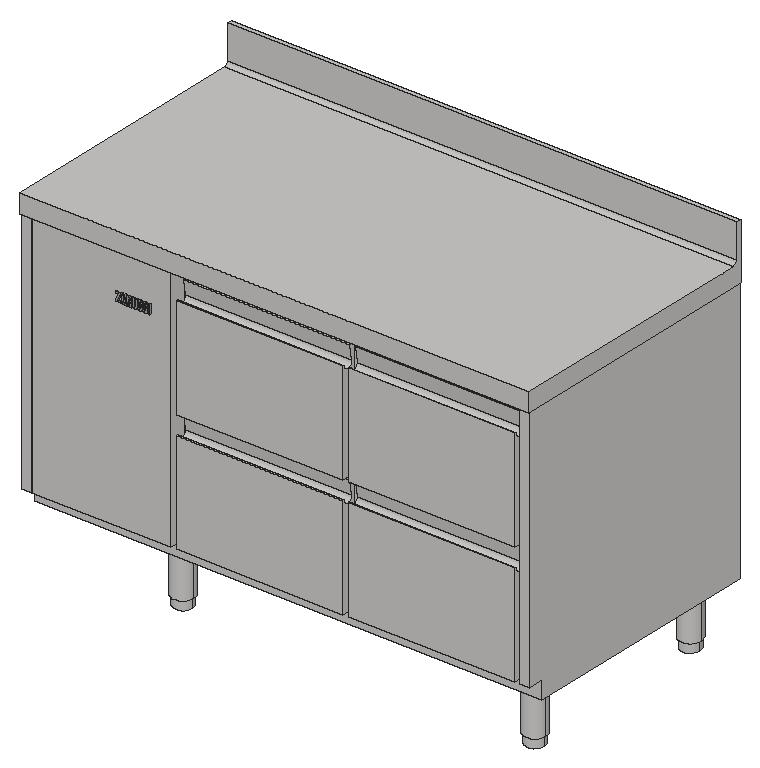
Revit family "QF_ZANUSSI_111032_ZH2H3BB", category Specialty Equipment, Revit 2018 (continued)
Definition of nested family "ZAN_Cooling Unit"
  Lines and regions (mm)
    Split face 129
      outline origin (55.016, 2, -293.144) x (0, 0, 1) y (-1, 0, 0)
        loop
          arc (510.649, 158.547) -> (506.648, 162.548) -> (502.647, 158.547) r 4.001
          line (502.647, 158.547) -> (502.647, 116.535)
          arc (502.647, 116.535) -> (506.648, 112.533) -> (510.649, 116.535) r 4.001
          line (510.649, 116.535) -> (510.649, 158.547)
    Split face 130
      outline origin (110.032, 2, -113.091) x (0, 0, 1) y (-1, 0, 0)
        loop
          arc (510.649, 158.547) -> (506.648, 162.548) -> (502.647, 158.547) r 4.001
          line (502.647, 158.547) -> (502.647, 116.535)
          arc (502.647, 116.535) -> (506.648, 112.533) -> (510.649, 116.535) r 4.001
          line (510.649, 116.535) -> (510.649, 158.547)
    Split face 131
      outline origin (110.032, 2, -125.094) x (0, 0, 1) y (-1, 0, 0)
        loop
          arc (510.649, 158.547) -> (506.648, 162.548) -> (502.647, 158.547) r 4.001
          line (502.647, 158.547) -> (502.647, 116.535)
          arc (502.647, 116.535) -> (506.648, 112.533) -> (510.649, 116.535) r 4.001
          line (510.649, 116.535) -> (510.649, 158.547)
    Split face 132
      outline origin (110.032, 2, -137.098) x (0, 0, 1) y (-1, 0, 0)
        loop
          arc (510.649, 158.547) -> (506.648, 162.548) -> (502.647, 158.547) r 4.001
          line (502.647, 158.547) -> (502.647, 116.535)
          arc (502.647, 116.535) -> (506.648, 112.533) -> (510.649, 116.535) r 4.001
          line (510.649, 116.535) -> (510.649, 158.547)
    Split face 133
      outline origin (110.032, 2, -149.101) x (0, 0, 1) y (-1, 0, 0)
        loop
          arc (510.649, 158.547) -> (506.648, 162.548) -> (502.647, 158.547) r 4.001
          line (502.647, 158.547) -> (502.647, 116.535)
          arc (502.647, 116.535) -> (506.648, 112.533) -> (510.649, 116.535) r 4.001
          line (510.649, 116.535) -> (510.649, 158.547)
    Split face 134
      outline origin (110.032, 2, -161.105) x (0, 0, 1) y (-1, 0, 0)
        loop
          arc (510.649, 158.547) -> (506.648, 162.548) -> (502.647, 158.547) r 4.001
          line (502.647, 158.547) -> (502.647, 116.535)
          arc (502.647, 116.535) -> (506.648, 112.533) -> (510.649, 116.535) r 4.001
          line (510.649, 116.535) -> (510.649, 158.547)
    Split face 135
      outline origin (110.032, 2, -173.108) x (0, 0, 1) y (-1, 0, 0)
        loop
          arc (510.649, 158.547) -> (506.648, 162.548) -> (502.647, 158.547) r 4.001
          line (502.647, 158.547) -> (502.647, 116.535)
          arc (502.647, 116.535) -> (506.648, 112.533) -> (510.649, 116.535) r 4.001
          line (510.649, 116.535) -> (510.649, 158.547)
    Split face 136
      outline origin (110.032, 2, -185.112) x (0, 0, 1) y (-1, 0, 0)
        loop
          arc (510.649, 158.547) -> (506.648, 162.548) -> (502.647, 158.547) r 4.001
          line (502.647, 158.547) -> (502.647, 116.535)
          arc (502.647, 116.535) -> (506.648, 112.533) -> (510.649, 116.535) r 4.001
          line (510.649, 116.535) -> (510.649, 158.547)
    Split face 137
      outline origin (110.032, 2, -197.115) x (0, 0, 1) y (-1, 0, 0)
        loop
          arc (510.649, 158.547) -> (506.648, 162.548) -> (502.647, 158.547) r 4.001
          line (502.647, 158.547) -> (502.647, 116.535)
          arc (502.647, 116.535) -> (506.648, 112.533) -> (510.649, 116.535) r 4.001
          line (510.649, 116.535) -> (510.649, 158.547)
    Split face 138
      outline origin (110.032, 2, -209.119) x (0, 0, 1) y (-1, 0, 0)
        loop
          arc (510.649, 158.547) -> (506.648, 162.548) -> (502.647, 158.547) r 4.001
          line (502.647, 158.547) -> (502.647, 116.535)
          arc (502.647, 116.535) -> (506.648, 112.533) -> (510.649, 116.535) r 4.001
          line (510.649, 116.535) -> (510.649, 158.547)
    Split face 139
      outline origin (110.032, 2, -221.122) x (0, 0, 1) y (-1, 0, 0)
        loop
          arc (510.649, 158.547) -> (506.648, 162.548) -> (502.647, 158.547) r 4.001
          line (502.647, 158.547) -> (502.647, 116.535)
          arc (502.647, 116.535) -> (506.648, 112.533) -> (510.649, 116.535) r 4.001
          line (510.649, 116.535) -> (510.649, 158.547)
    Split face 140
      outline origin (110.032, 2, -233.126) x (0, 0, 1) y (-1, 0, 0)
        loop
          arc (510.649, 158.547) -> (506.648, 162.548) -> (502.647, 158.547) r 4.001
          line (502.647, 158.547) -> (502.647, 116.535)
          arc (502.647, 116.535) -> (506.648, 112.533) -> (510.649, 116.535) r 4.001
          line (510.649, 116.535) -> (510.649, 158.547)
    Split face 141
      outline origin (110.032, 2, -245.129) x (0, 0, 1) y (-1, 0, 0)
        loop
          arc (510.649, 158.547) -> (506.648, 162.548) -> (502.647, 158.547) r 4.001
          line (502.647, 158.547) -> (502.647, 116.535)
          arc (502.647, 116.535) -> (506.648, 112.533) -> (510.649, 116.535) r 4.001
          line (510.649, 116.535) -> (510.649, 158.547)
    Split face 142
      outline origin (110.032, 2, -257.133) x (0, 0, 1) y (-1, 0, 0)
        loop
          arc (510.649, 158.547) -> (506.648, 162.548) -> (502.647, 158.547) r 4.001
          line (502.647, 158.547) -> (502.647, 116.535)
          arc (502.647, 116.535) -> (506.648, 112.533) -> (510.649, 116.535) r 4.001
          line (510.649, 116.535) -> (510.649, 158.547)
    Split face 143
      outline origin (110.032, 2, -269.136) x (0, 0, 1) y (-1, 0, 0)
        loop
          arc (510.649, 158.547) -> (506.648, 162.548) -> (502.647, 158.547) r 4.001
          line (502.647, 158.547) -> (502.647, 116.535)
          arc (502.647, 116.535) -> (506.648, 112.533) -> (510.649, 116.535) r 4.001
          line (510.649, 116.535) -> (510.649, 158.547)
    Split face 144
      outline origin (110.032, 2, -281.14) x (0, 0, 1) y (-1, 0, 0)
        loop
          arc (510.649, 158.547) -> (506.648, 162.548) -> (502.647, 158.547) r 4.001
          line (502.647, 158.547) -> (502.647, 116.535)
          arc (502.647, 116.535) -> (506.648, 112.533) -> (510.649, 116.535) r 4.001
          line (510.649, 116.535) -> (510.649, 158.547)
    Split face 145
      outline origin (110.032, 2, -293.144) x (0, 0, 1) y (-1, 0, 0)
        loop
          arc (510.649, 158.547) -> (506.648, 162.548) -> (502.647, 158.547) r 4.001
          line (502.647, 158.547) -> (502.647, 116.535)
          arc (502.647, 116.535) -> (506.648, 112.533) -> (510.649, 116.535) r 4.001
          line (510.649, 116.535) -> (510.649, 158.547)
    Split face 146
      outline origin (165.048, 2, -113.091) x (0, 0, 1) y (-1, 0, 0)
        loop
          arc (510.649, 158.547) -> (506.648, 162.548) -> (502.647, 158.547) r 4.001
          line (502.647, 158.547) -> (502.647, 116.535)
          arc (502.647, 116.535) -> (506.648, 112.533) -> (510.649, 116.535) r 4.001
          line (510.649, 116.535) -> (510.649, 158.547)
    Split face 147
      outline origin (165.048, 2, -125.094) x (0, 0, 1) y (-1, 0, 0)
        loop
          arc (510.649, 158.547) -> (506.648, 162.548) -> (502.647, 158.547) r 4.001
          line (502.647, 158.547) -> (502.647, 116.535)
          arc (502.647, 116.535) -> (506.648, 112.533) -> (510.649, 116.535) r 4.001
          line (510.649, 116.535) -> (510.649, 158.547)
    Split face 148
      outline origin (165.048, 2, -137.098) x (0, 0, 1) y (-1, 0, 0)
        loop
          arc (510.649, 158.547) -> (506.648, 162.548) -> (502.647, 158.547) r 4.001
          line (502.647, 158.547) -> (502.647, 116.535)
          arc (502.647, 116.535) -> (506.648, 112.533) -> (510.649, 116.535) r 4.001
          line (510.649, 116.535) -> (510.649, 158.547)
    Split face 149
      outline origin (165.048, 2, -149.101) x (0, 0, 1) y (-1, 0, 0)
        loop
          arc (510.649, 158.547) -> (506.648, 162.548) -> (502.647, 158.547) r 4.001
          line (502.647, 158.547) -> (502.647, 116.535)
          arc (502.647, 116.535) -> (506.648, 112.533) -> (510.649, 116.535) r 4.001
          line (510.649, 116.535) -> (510.649, 158.547)
    Split face 150
      outline origin (165.048, 2, -161.105) x (0, 0, 1) y (-1, 0, 0)
        loop
          arc (510.649, 158.547) -> (506.648, 162.548) -> (502.647, 158.547) r 4.001
          line (502.647, 158.547) -> (502.647, 116.535)
          arc (502.647, 116.535) -> (506.648, 112.533) -> (510.649, 116.535) r 4.001
          line (510.649, 116.535) -> (510.649, 158.547)
    Split face 151
      outline origin (165.048, 2, -173.108) x (0, 0, 1) y (-1, 0, 0)
        loop
          arc (510.649, 158.547) -> (506.648, 162.548) -> (502.647, 158.547) r 4.001
          line (502.647, 158.547) -> (502.647, 116.535)
          arc (502.647, 116.535) -> (506.648, 112.533) -> (510.649, 116.535) r 4.001
          line (510.649, 116.535) -> (510.649, 158.547)
    Split face 152
      outline origin (165.048, 2, -185.112) x (0, 0, 1) y (-1, 0, 0)
        loop
          arc (510.649, 158.547) -> (506.648, 162.548) -> (502.647, 158.547) r 4.001
          line (502.647, 158.547) -> (502.647, 116.535)
          arc (502.647, 116.535) -> (506.648, 112.533) -> (510.649, 116.535) r 4.001
          line (510.649, 116.535) -> (510.649, 158.547)
    Split face 153
      outline origin (165.048, 2, -197.115) x (0, 0, 1) y (-1, 0, 0)
        loop
          arc (510.649, 158.547) -> (506.648, 162.548) -> (502.647, 158.547) r 4.001
          line (502.647, 158.547) -> (502.647, 116.535)
          arc (502.647, 116.535) -> (506.648, 112.533) -> (510.649, 116.535) r 4.001
          line (510.649, 116.535) -> (510.649, 158.547)
    Split face 154
      outline origin (165.048, 2, -209.119) x (0, 0, 1) y (-1, 0, 0)
        loop
          arc (510.649, 158.547) -> (506.648, 162.548) -> (502.647, 158.547) r 4.001
          line (502.647, 158.547) -> (502.647, 116.535)
          arc (502.647, 116.535) -> (506.648, 112.533) -> (510.649, 116.535) r 4.001
          line (510.649, 116.535) -> (510.649, 158.547)
    Split face 155
      outline origin (165.048, 2, -221.122) x (0, 0, 1) y (-1, 0, 0)
        loop
          arc (510.649, 158.547) -> (506.648, 162.548) -> (502.647, 158.547) r 4.001
          line (502.647, 158.547) -> (502.647, 116.535)
          arc (502.647, 116.535) -> (506.648, 112.533) -> (510.649, 116.535) r 4.001
          line (510.649, 116.535) -> (510.649, 158.547)
    Split face 156
      outline origin (165.048, 2, -233.126) x (0, 0, 1) y (-1, 0, 0)
        loop
          arc (510.649, 158.547) -> (506.648, 162.548) -> (502.647, 158.547) r 4.001
          line (502.647, 158.547) -> (502.647, 116.535)
          arc (502.647, 116.535) -> (506.648, 112.533) -> (510.649, 116.535) r 4.001
          line (510.649, 116.535) -> (510.649, 158.547)
    Split face 157
      outline origin (165.048, 2, -245.129) x (0, 0, 1) y (-1, 0, 0)
        loop
          arc (510.649, 158.547) -> (506.648, 162.548) -> (502.647, 158.547) r 4.001
          line (502.647, 158.547) -> (502.647, 116.535)
          arc (502.647, 116.535) -> (506.648, 112.533) -> (510.649, 116.535) r 4.001
          line (510.649, 116.535) -> (510.649, 158.547)
    Split face 158
      outline origin (165.048, 2, -257.133) x (0, 0, 1) y (-1, 0, 0)
        loop
          arc (510.649, 158.547) -> (506.648, 162.548) -> (502.647, 158.547) r 4.001
          line (502.647, 158.547) -> (502.647, 116.535)
          arc (502.647, 116.535) -> (506.648, 112.533) -> (510.649, 116.535) r 4.001
          line (510.649, 116.535) -> (510.649, 158.547)
    Split face 159
      outline origin (165.048, 2, -269.136) x (0, 0, 1) y (-1, 0, 0)
        loop
          arc (510.649, 158.547) -> (506.648, 162.548) -> (502.647, 158.547) r 4.001
          line (502.647, 158.547) -> (502.647, 116.535)
          arc (502.647, 116.535) -> (506.648, 112.533) -> (510.649, 116.535) r 4.001
          line (510.649, 116.535) -> (510.649, 158.547)
    Split face 160
      outline origin (165.048, 2, -281.14) x (0, 0, 1) y (-1, 0, 0)
        loop
          arc (510.649, 158.547) -> (506.648, 162.548) -> (502.647, 158.547) r 4.001
          line (502.647, 158.547) -> (502.647, 116.535)
          arc (502.647, 116.535) -> (506.648, 112.533) -> (510.649, 116.535) r 4.001
          line (510.649, 116.535) -> (510.649, 158.547)
    Split face 161
      outline origin (165.048, 2, -293.144) x (0, 0, 1) y (-1, 0, 0)
        loop
          arc (510.649, 158.547) -> (506.648, 162.548) -> (502.647, 158.547) r 4.001
          line (502.647, 158.547) -> (502.647, 116.535)
          arc (502.647, 116.535) -> (506.648, 112.533) -> (510.649, 116.535) r 4.001
          line (510.649, 116.535) -> (510.649, 158.547)
    Split face 162
      outline origin (220.064, 2, -113.091) x (0, 0, 1) y (-1, 0, 0)
        loop
          arc (510.649, 158.547) -> (506.648, 162.548) -> (502.647, 158.547) r 4.001
          line (502.647, 158.547) -> (502.647, 116.535)
          arc (502.647, 116.535) -> (506.648, 112.533) -> (510.649, 116.535) r 4.001
          line (510.649, 116.535) -> (510.649, 158.547)
    Split face 163
      outline origin (220.064, 2, -125.094) x (0, 0, 1) y (-1, 0, 0)
        loop
          arc (510.649, 158.547) -> (506.648, 162.548) -> (502.647, 158.547) r 4.001
          line (502.647, 158.547) -> (502.647, 116.535)
          arc (502.647, 116.535) -> (506.648, 112.533) -> (510.649, 116.535) r 4.001
          line (510.649, 116.535) -> (510.649, 158.547)
    Split face 164
      outline origin (220.064, 2, -137.098) x (0, 0, 1) y (-1, 0, 0)
        loop
          arc (510.649, 158.547) -> (506.648, 162.548) -> (502.647, 158.547) r 4.001
          line (502.647, 158.547) -> (502.647, 116.535)
          arc (502.647, 116.535) -> (506.648, 112.533) -> (510.649, 116.535) r 4.001
          line (510.649, 116.535) -> (510.649, 158.547)
    Split face 165
      outline origin (220.064, 2, -149.101) x (0, 0, 1) y (-1, 0, 0)
        loop
          arc (510.649, 158.547) -> (506.648, 162.548) -> (502.647, 158.547) r 4.001
          line (502.647, 158.547) -> (502.647, 116.535)
          arc (502.647, 116.535) -> (506.648, 112.533) -> (510.649, 116.535) r 4.001
          line (510.649, 116.535) -> (510.649, 158.547)
    Split face 166
      outline origin (220.064, 2, -161.105) x (0, 0, 1) y (-1, 0, 0)
        loop
          arc (510.649, 158.547) -> (506.648, 162.548) -> (502.647, 158.547) r 4.001
          line (502.647, 158.547) -> (502.647, 116.535)
          arc (502.647, 116.535) -> (506.648, 112.533) -> (510.649, 116.535) r 4.001
          line (510.649, 116.535) -> (510.649, 158.547)
    Split face 167
      outline origin (220.064, 2, -173.108) x (0, 0, 1) y (-1, 0, 0)
        loop
          arc (510.649, 158.547) -> (506.648, 162.548) -> (502.647, 158.547) r 4.001
          line (502.647, 158.547) -> (502.647, 116.535)
          arc (502.647, 116.535) -> (506.648, 112.533) -> (510.649, 116.535) r 4.001
          line (510.649, 116.535) -> (510.649, 158.547)
    Split face 168
      outline origin (220.064, 2, -185.112) x (0, 0, 1) y (-1, 0, 0)
        loop
          arc (510.649, 158.547) -> (506.648, 162.548) -> (502.647, 158.547) r 4.001
          line (502.647, 158.547) -> (502.647, 116.535)
          arc (502.647, 116.535) -> (506.648, 112.533) -> (510.649, 116.535) r 4.001
          line (510.649, 116.535) -> (510.649, 158.547)
    Split face 169
      outline origin (220.064, 2, -197.115) x (0, 0, 1) y (-1, 0, 0)
        loop
          arc (510.649, 158.547) -> (506.648, 162.548) -> (502.647, 158.547) r 4.001
          line (502.647, 158.547) -> (502.647, 116.535)
          arc (502.647, 116.535) -> (506.648, 112.533) -> (510.649, 116.535) r 4.001
          line (510.649, 116.535) -> (510.649, 158.547)
    Split face 170
      outline origin (220.064, 2, -209.119) x (0, 0, 1) y (-1, 0, 0)
        loop
          arc (510.649, 158.547) -> (506.648, 162.548) -> (502.647, 158.547) r 4.001
          line (502.647, 158.547) -> (502.647, 116.535)
          arc (502.647, 116.535) -> (506.648, 112.533) -> (510.649, 116.535) r 4.001
          line (510.649, 116.535) -> (510.649, 158.547)
    Split face 171
      outline origin (220.064, 2, -221.122) x (0, 0, 1) y (-1, 0, 0)
        loop
          arc (510.649, 158.547) -> (506.648, 162.548) -> (502.647, 158.547) r 4.001
          line (502.647, 158.547) -> (502.647, 116.535)
          arc (502.647, 116.535) -> (506.648, 112.533) -> (510.649, 116.535) r 4.001
          line (510.649, 116.535) -> (510.649, 158.547)
    Split face 172
      outline origin (220.064, 2, -233.126) x (0, 0, 1) y (-1, 0, 0)
        loop
          arc (510.649, 158.547) -> (506.648, 162.548) -> (502.647, 158.547) r 4.001
          line (502.647, 158.547) -> (502.647, 116.535)
          arc (502.647, 116.535) -> (506.648, 112.533) -> (510.649, 116.535) r 4.001
          line (510.649, 116.535) -> (510.649, 158.547)
    Split face 173
      outline origin (220.064, 2, -245.129) x (0, 0, 1) y (-1, 0, 0)
        loop
          arc (510.649, 158.547) -> (506.648, 162.548) -> (502.647, 158.547) r 4.001
          line (502.647, 158.547) -> (502.647, 116.535)
          arc (502.647, 116.535) -> (506.648, 112.533) -> (510.649, 116.535) r 4.001
          line (510.649, 116.535) -> (510.649, 158.547)
    Split face 174
      outline origin (220.064, 2, -257.133) x (0, 0, 1) y (-1, 0, 0)
        loop
          arc (510.649, 158.547) -> (506.648, 162.548) -> (502.647, 158.547) r 4.001
          line (502.647, 158.547) -> (502.647, 116.535)
          arc (502.647, 116.535) -> (506.648, 112.533) -> (510.649, 116.535) r 4.001
          line (510.649, 116.535) -> (510.649, 158.547)
    Split face 175
      outline origin (220.064, 2, -269.136) x (0, 0, 1) y (-1, 0, 0)
        loop
          arc (510.649, 158.547) -> (506.648, 162.548) -> (502.647, 158.547) r 4.001
          line (502.647, 158.547) -> (502.647, 116.535)
          arc (502.647, 116.535) -> (506.648, 112.533) -> (510.649, 116.535) r 4.001
          line (510.649, 116.535) -> (510.649, 158.547)
    Split face 176
      outline origin (220.064, 2, -281.14) x (0, 0, 1) y (-1, 0, 0)
        loop
          arc (510.649, 158.547) -> (506.648, 162.548) -> (502.647, 158.547) r 4.001
          line (502.647, 158.547) -> (502.647, 116.535)
          arc (502.647, 116.535) -> (506.648, 112.533) -> (510.649, 116.535) r 4.001
          line (510.649, 116.535) -> (510.649, 158.547)
    Split face 177
      outline origin (220.064, 2, -293.144) x (0, 0, 1) y (-1, 0, 0)
        loop
          arc (510.649, 158.547) -> (506.648, 162.548) -> (502.647, 158.547) r 4.001
          line (502.647, 158.547) -> (502.647, 116.535)
          arc (502.647, 116.535) -> (506.648, 112.533) -> (510.649, 116.535) r 4.001
          line (510.649, 116.535) -> (510.649, 158.547)
    Split face 178
      outline origin (275.081, 2, -113.091) x (0, 0, 1) y (-1, 0, 0)
        loop
          arc (510.649, 158.547) -> (506.648, 162.548) -> (502.647, 158.547) r 4.001
          line (502.647, 158.547) -> (502.647, 116.535)
          arc (502.647, 116.535) -> (506.648, 112.533) -> (510.649, 116.535) r 4.001
          line (510.649, 116.535) -> (510.649, 158.547)
    Split face 179
      outline origin (275.081, 2, -125.094) x (0, 0, 1) y (-1, 0, 0)
        loop
          arc (510.649, 158.547) -> (506.648, 162.548) -> (502.647, 158.547) r 4.001
          line (502.647, 158.547) -> (502.647, 116.535)
          arc (502.647, 116.535) -> (506.648, 112.533) -> (510.649, 116.535) r 4.001
          line (510.649, 116.535) -> (510.649, 158.547)
    Split face 180
      outline origin (275.081, 2, -137.098) x (0, 0, 1) y (-1, 0, 0)
        loop
          arc (510.649, 158.547) -> (506.648, 162.548) -> (502.647, 158.547) r 4.001
          line (502.647, 158.547) -> (502.647, 116.535)
          arc (502.647, 116.535) -> (506.648, 112.533) -> (510.649, 116.535) r 4.001
          line (510.649, 116.535) -> (510.649, 158.547)
    Split face 181
      outline origin (275.081, 2, -149.101) x (0, 0, 1) y (-1, 0, 0)
        loop
          arc (510.649, 158.547) -> (506.648, 162.548) -> (502.647, 158.547) r 4.001
          line (502.647, 158.547) -> (502.647, 116.535)
          arc (502.647, 116.535) -> (506.648, 112.533) -> (510.649, 116.535) r 4.001
          line (510.649, 116.535) -> (510.649, 158.547)
    Split face 182
      outline origin (275.081, 2, -161.105) x (0, 0, 1) y (-1, 0, 0)
        loop
          arc (510.649, 158.547) -> (506.648, 162.548) -> (502.647, 158.547) r 4.001
          line (502.647, 158.547) -> (502.647, 116.535)
          arc (502.647, 116.535) -> (506.648, 112.533) -> (510.649, 116.535) r 4.001
          line (510.649, 116.535) -> (510.649, 158.547)
    Split face 183
      outline origin (275.081, 2, -173.108) x (0, 0, 1) y (-1, 0, 0)
        loop
          arc (510.649, 158.547) -> (506.648, 162.548) -> (502.647, 158.547) r 4.001
          line (502.647, 158.547) -> (502.647, 116.535)
          arc (502.647, 116.535) -> (506.648, 112.533) -> (510.649, 116.535) r 4.001
          line (510.649, 116.535) -> (510.649, 158.547)
    Split face 184
      outline origin (275.081, 2, -185.112) x (0, 0, 1) y (-1, 0, 0)
        loop
          arc (510.649, 158.547) -> (506.648, 162.548) -> (502.647, 158.547) r 4.001
          line (502.647, 158.547) -> (502.647, 116.535)
          arc (502.647, 116.535) -> (506.648, 112.533) -> (510.649, 116.535) r 4.001
          line (510.649, 116.535) -> (510.649, 158.547)
    Split face 185
      outline origin (275.081, 2, -197.115) x (0, 0, 1) y (-1, 0, 0)
        loop
          arc (510.649, 158.547) -> (506.648, 162.548) -> (502.647, 158.547) r 4.001
          line (502.647, 158.547) -> (502.647, 116.535)
          arc (502.647, 116.535) -> (506.648, 112.533) -> (510.649, 116.535) r 4.001
          line (510.649, 116.535) -> (510.649, 158.547)
    Split face 186
      outline origin (275.081, 2, -209.119) x (0, 0, 1) y (-1, 0, 0)
        loop
          arc (510.649, 158.547) -> (506.648, 162.548) -> (502.647, 158.547) r 4.001
          line (502.647, 158.547) -> (502.647, 116.535)
          arc (502.647, 116.535) -> (506.648, 112.533) -> (510.649, 116.535) r 4.001
          line (510.649, 116.535) -> (510.649, 158.547)
    Split face 187
      outline origin (275.081, 2, -221.122) x (0, 0, 1) y (-1, 0, 0)
        loop
          arc (510.649, 158.547) -> (506.648, 162.548) -> (502.647, 158.547) r 4.001
          line (502.647, 158.547) -> (502.647, 116.535)
          arc (502.647, 116.535) -> (506.648, 112.533) -> (510.649, 116.535) r 4.001
          line (510.649, 116.535) -> (510.649, 158.547)
    Split face 188
      outline origin (275.081, 2, -233.126) x (0, 0, 1) y (-1, 0, 0)
        loop
          arc (510.649, 158.547) -> (506.648, 162.548) -> (502.647, 158.547) r 4.001
          line (502.647, 158.547) -> (502.647, 116.535)
          arc (502.647, 116.535) -> (506.648, 112.533) -> (510.649, 116.535) r 4.001
          line (510.649, 116.535) -> (510.649, 158.547)
    Split face 189
      outline origin (275.081, 2, -245.129) x (0, 0, 1) y (-1, 0, 0)
        loop
          arc (510.649, 158.547) -> (506.648, 162.548) -> (502.647, 158.547) r 4.001
          line (502.647, 158.547) -> (502.647, 116.535)
          arc (502.647, 116.535) -> (506.648, 112.533) -> (510.649, 116.535) r 4.001
          line (510.649, 116.535) -> (510.649, 158.547)
    Split face 190
      outline origin (275.081, 2, -257.133) x (0, 0, 1) y (-1, 0, 0)
        loop
          arc (510.649, 158.547) -> (506.648, 162.548) -> (502.647, 158.547) r 4.001
          line (502.647, 158.547) -> (502.647, 116.535)
          arc (502.647, 116.535) -> (506.648, 112.533) -> (510.649, 116.535) r 4.001
          line (510.649, 116.535) -> (510.649, 158.547)
    Split face 191
      outline origin (275.081, 2, -269.136) x (0, 0, 1) y (-1, 0, 0)
        loop
          arc (510.649, 158.547) -> (506.648, 162.548) -> (502.647, 158.547) r 4.001
          line (502.647, 158.547) -> (502.647, 116.535)
          arc (502.647, 116.535) -> (506.648, 112.533) -> (510.649, 116.535) r 4.001
          line (510.649, 116.535) -> (510.649, 158.547)
    Split face 192
      outline origin (275.081, 2, -281.14) x (0, 0, 1) y (-1, 0, 0)
        loop
          arc (510.649, 158.547) -> (506.648, 162.548) -> (502.647, 158.547) r 4.001
          line (502.647, 158.547) -> (502.647, 116.535)
          arc (502.647, 116.535) -> (506.648, 112.533) -> (510.649, 116.535) r 4.001
          line (510.649, 116.535) -> (510.649, 158.547)
    Split face 193
      outline origin (275.081, 2, -293.144) x (0, 0, 1) y (-1, 0, 0)
        loop
          arc (510.649, 158.547) -> (506.648, 162.548) -> (502.647, 158.547) r 4.001
          line (502.647, 158.547) -> (502.647, 116.535)
          arc (502.647, 116.535) -> (506.648, 112.533) -> (510.649, 116.535) r 4.001
          line (510.649, 116.535) -> (510.649, 158.547)
    Split face 194
      outline origin (0, 2, 197) x (0, 0, 1) y (-1, 0, 0)
        loop
          spline (566.835, 20.381) -> (564.628, 19.058) -> (561.987, 18.027) -> (558.955, 17.386) -> (555.581, 17.244) -> (551.912, 17.703) -> (547.993, 18.863) -> (543.871, 20.83) -> (539.591, 23.706) -> (535.202, 27.594) -> (530.748, 32.597) -> (526.28, 38.824) -> (521.835, 46.362)
        loop
          spline (521.835, 58.392) -> (525.386, 49.242) -> (529.197, 41.481) -> (533.2, 35.023) -> (537.329, 29.786) -> (541.516, 25.684) -> (545.695, 22.634) -> (549.798, 20.552) -> (553.759, 19.355) -> (557.511, 18.958) -> (560.984, 19.275) -> (564.115, 20.227) -> (566.835, 21.726)
    Split face 195
      outline origin (0, 2, 197) x (0, 0, 1) y (-1, 0, 0)
        loop
          line (555.835, 149.5) -> (532.835, 149.5) -> (532.835, 94.5) -> (555.835, 94.5) -> (555.835, 149.5)
  Dimensions and locks
    aligned and locked: level to plane 2
  Nested families
    nested 1: "ZAN_Logo_S_Grey" at (85, 2, 741.213) x (1, 0, 0) z (0, -1, 0), visible <- "Show Logo", type "ZAN_Logo_S_Grey"
  Definition of nested family "ZAN_Logo_S_Grey"
    Parameters
      Default Elevation = 0 mm
    Reference planes
      plane 1 "Centro (Fronte/Retro)": y = 0
      plane 2: z = 0
      plane 3 "Centro (Sinistra/Destra)": x = 0
    Forms (mm)
      Extrusion 1, solid
        sketch origin (0, 0, 0) x (1, 0, 0) y (0, 1, 0)
          loop
            line (-1219.2, 1219.2) -> (-1219.2, -1219.2) -> (1219.2, -1219.2) -> (1219.2, 1219.2) -> (-1219.2, 1219.2)
        from 0 to -304.8
      Extrusion 2, solid
        sketch origin (17.793, -46.218, 0) x (-1, 0, 0) y (0, -1, 0)
          loop
            spline (-4.176, -58.079) -> (-3.496, -58.328) -> (-2.793, -58.512) -> (-2.075, -58.63) -> (-1.348, -58.682) -> (-0.619, -58.669) -> (0.106, -58.588) -> (0.818, -58.44) -> (1.512, -58.225) -> (2.18, -57.941) -> (2.817, -57.589) -> (3.414, -57.167) -> (3.966, -56.676)
            spline (3.966, -56.676) -> (4.293, -56.162) -> (4.575, -55.61) -> (4.81, -55.026) -> (5, -54.419) -> (5.146, -53.797) -> (5.247, -53.166) -> (5.304, -52.536) -> (5.318, -51.913) -> (5.288, -51.306) -> (5.217, -50.723) -> (5.103, -50.17) -> (4.949, -49.657)
            line (4.949, -49.657) -> (2.702, -46.428) -> (0.316, -44.323)
            spline (0.316, -44.323) -> (0.065, -44.115) -> (-0.195, -43.909) -> (-0.46, -43.704) -> (-0.729, -43.496) -> (-0.997, -43.282) -> (-1.263, -43.059) -> (-1.523, -42.825) -> (-1.774, -42.576) -> (-2.013, -42.309) -> (-2.238, -42.022) -> (-2.445, -41.712) -> (-2.632, -41.375)
            spline (-2.632, -41.375) -> (-2.666, -41.159) -> (-2.697, -40.934) -> (-2.722, -40.701) -> (-2.736, -40.465) -> (-2.736, -40.227) -> (-2.72, -39.989) -> (-2.682, -39.754) -> (-2.621, -39.524) -> (-2.533, -39.302) -> (-2.414, -39.091) -> (-2.261, -38.892) -> (-2.07, -38.708)
            line (-2.07, -38.708) -> (-0.245, -38.567)
            spline (-0.245, -38.567) -> (0.096, -38.8) -> (0.354, -39.074) -> (0.54, -39.381) -> (0.664, -39.716) -> (0.738, -40.073) -> (0.772, -40.445) -> (0.777, -40.825) -> (0.763, -41.208) -> (0.742, -41.588) -> (0.723, -41.957) -> (0.718, -42.309) -> (0.737, -42.638)
            line (0.737, -42.638) -> (5.65, -42.638)
            spline (5.65, -42.638) -> (5.708, -42.042) -> (5.741, -41.448) -> (5.747, -40.857) -> (5.723, -40.273) -> (5.668, -39.696) -> (5.58, -39.129) -> (5.457, -38.574) -> (5.297, -38.032) -> (5.098, -37.506) -> (4.857, -36.997) -> (4.574, -36.508) -> (4.247, -36.041)
            spline (4.247, -36.041) -> (3.844, -35.675) -> (3.409, -35.35) -> (2.946, -35.065) -> (2.458, -34.819) -> (1.949, -34.612) -> (1.421, -34.444) -> (0.88, -34.314) -> (0.326, -34.221) -> (-0.234, -34.165) -> (-0.8, -34.146) -> (-1.366, -34.163) -> (-1.93, -34.216)
            spline (-1.93, -34.216) -> (-2.526, -34.309) -> (-3.116, -34.448) -> (-3.695, -34.633) -> (-4.259, -34.861) -> (-4.801, -35.131) -> (-5.316, -35.444) -> (-5.799, -35.798) -> (-6.245, -36.191) -> (-6.648, -36.624) -> (-7.002, -37.095) -> (-7.303, -37.603) -> (-7.545, -38.146)
            spline (-7.545, -38.146) -> (-7.694, -38.815) -> (-7.792, -39.487) -> (-7.839, -40.158) -> (-7.836, -40.824) -> (-7.785, -41.482) -> (-7.685, -42.129) -> (-7.539, -42.762) -> (-7.347, -43.377) -> (-7.111, -43.97) -> (-6.83, -44.538) -> (-6.506, -45.078) -> (-6.141, -45.586)
            line (-6.141, -45.586) -> (-0.526, -50.64) -> (0.176, -51.482)
            spline (0.176, -51.482) -> (0.248, -51.66) -> (0.323, -51.843) -> (0.397, -52.03) -> (0.467, -52.22) -> (0.529, -52.412) -> (0.579, -52.605) -> (0.615, -52.798) -> (0.633, -52.989) -> (0.63, -53.179) -> (0.601, -53.366) -> (0.545, -53.55) -> (0.456, -53.728)
            spline (0.456, -53.728) -> (0.375, -53.892) -> (0.273, -54.034) -> (0.154, -54.155) -> (0.02, -54.258) -> (-0.126, -54.343) -> (-0.28, -54.412) -> (-0.441, -54.466) -> (-0.604, -54.508) -> (-0.767, -54.537) -> (-0.928, -54.556) -> (-1.082, -54.567) -> (-1.228, -54.57)
            line (-1.228, -54.57) -> (-2.632, -53.587) -> (-2.772, -50.64) -> (-7.405, -50.64)
            spline (-7.405, -50.64) -> (-7.41, -51.031) -> (-7.423, -51.432) -> (-7.44, -51.839) -> (-7.456, -52.251) -> (-7.469, -52.665) -> (-7.475, -53.079) -> (-7.468, -53.489) -> (-7.446, -53.894) -> (-7.404, -54.291) -> (-7.339, -54.679) -> (-7.247, -55.053) -> (-7.123, -55.412)
            spline (-7.123, -55.412) -> (-6.999, -55.693) -> (-6.837, -55.97) -> (-6.643, -56.244) -> (-6.422, -56.509) -> (-6.177, -56.765) -> (-5.913, -57.009) -> (-5.634, -57.238) -> (-5.346, -57.45) -> (-5.051, -57.643) -> (-4.755, -57.814) -> (-4.462, -57.96) -> (-4.176, -58.079)
          loop
            spline (-21.021, -55.552) -> (-20.633, -56.181) -> (-20.177, -56.736) -> (-19.661, -57.217) -> (-19.092, -57.627) -> (-18.478, -57.966) -> (-17.827, -58.237) -> (-17.147, -58.441) -> (-16.446, -58.578) -> (-15.73, -58.652) -> (-15.009, -58.662) -> (-14.29, -58.611) -> (-13.581, -58.5)
            spline (-13.581, -58.5) -> (-13.088, -58.407) -> (-12.595, -58.269) -> (-12.109, -58.088) -> (-11.636, -57.866) -> (-11.183, -57.605) -> (-10.756, -57.307) -> (-10.361, -56.974) -> (-10.004, -56.608) -> (-9.692, -56.211) -> (-9.431, -55.784) -> (-9.228, -55.33) -> (-9.089, -54.851)
            spline (-9.089, -54.851) -> (-8.873, -54.211) -> (-8.715, -53.559) -> (-8.615, -52.901) -> (-8.574, -52.241) -> (-8.592, -51.585) -> (-8.668, -50.938) -> (-8.802, -50.306) -> (-8.995, -49.693) -> (-9.247, -49.106) -> (-9.557, -48.55) -> (-9.925, -48.03) -> (-10.352, -47.551)
            line (-10.352, -47.551) -> (-15.546, -42.919) -> (-16.669, -41.234)
            spline (-16.669, -41.234) -> (-16.704, -41.021) -> (-16.735, -40.804) -> (-16.761, -40.583) -> (-16.778, -40.361) -> (-16.784, -40.139) -> (-16.774, -39.919) -> (-16.748, -39.701) -> (-16.7, -39.488) -> (-16.63, -39.28) -> (-16.533, -39.08) -> (-16.406, -38.889) -> (-16.248, -38.708)
            line (-16.248, -38.708) -> (-14.844, -38.427)
            spline (-14.844, -38.427) -> (-14.347, -38.545) -> (-13.969, -38.749) -> (-13.695, -39.028) -> (-13.508, -39.368) -> (-13.393, -39.757) -> (-13.335, -40.182) -> (-13.318, -40.63) -> (-13.326, -41.089) -> (-13.344, -41.546) -> (-13.356, -41.988) -> (-13.347, -42.403) -> (-13.3, -42.779)
            line (-13.3, -42.779) -> (-8.387, -42.638)
            spline (-8.387, -42.638) -> (-8.326, -42.034) -> (-8.288, -41.417) -> (-8.277, -40.794) -> (-8.299, -40.169) -> (-8.357, -39.548) -> (-8.457, -38.936) -> (-8.604, -38.339) -> (-8.803, -37.762) -> (-9.058, -37.21) -> (-9.375, -36.689) -> (-9.758, -36.204) -> (-10.212, -35.76)
            spline (-10.212, -35.76) -> (-10.793, -35.336) -> (-11.409, -34.976) -> (-12.054, -34.679) -> (-12.723, -34.445) -> (-13.409, -34.273) -> (-14.107, -34.163) -> (-14.811, -34.115) -> (-15.515, -34.127) -> (-16.213, -34.2) -> (-16.899, -34.333) -> (-17.568, -34.526) -> (-18.213, -34.777)
            spline (-18.213, -34.777) -> (-18.496, -34.897) -> (-18.783, -35.044) -> (-19.071, -35.216) -> (-19.357, -35.412) -> (-19.639, -35.629) -> (-19.915, -35.865) -> (-20.182, -36.119) -> (-20.438, -36.389) -> (-20.681, -36.672) -> (-20.907, -36.967) -> (-21.115, -37.272) -> (-21.301, -37.585)
            spline (-21.301, -37.585) -> (-21.55, -38.26) -> (-21.734, -38.948) -> (-21.854, -39.647) -> (-21.91, -40.351) -> (-21.901, -41.057) -> (-21.828, -41.761) -> (-21.69, -42.459) -> (-21.489, -43.148) -> (-21.222, -43.823) -> (-20.892, -44.48) -> (-20.497, -45.116) -> (-20.038, -45.726)
            line (-20.038, -45.726) -> (-14.142, -51.061) -> (-13.44, -52.886) -> (-14.002, -54.289) -> (-15.265, -54.57) -> (-16.669, -53.587) -> (-16.81, -50.78) -> (-21.582, -50.64)
            spline (-21.582, -50.64) -> (-21.558, -51.063) -> (-21.55, -51.491) -> (-21.554, -51.92) -> (-21.561, -52.35) -> (-21.567, -52.778) -> (-21.565, -53.201) -> (-21.547, -53.619) -> (-21.509, -54.029) -> (-21.444, -54.43) -> (-21.345, -54.818) -> (-21.206, -55.193) -> (-21.021, -55.552)
          loop
            line (-22.424, -34.216) -> (-27.337, -34.216) -> (-27.337, -58.22) -> (-22.424, -58.22) -> (-22.424, -34.216)
          loop
            line (14.213, -39.971) -> (14.213, -58.22) -> (19.126, -58.22) -> (19.126, -42.077) -> (18.845, -38.146) -> (18.424, -37.164) -> (17.442, -35.9) -> (16.459, -35.199) -> (14.494, -34.356) -> (13.511, -34.216) -> (11.265, -34.216) -> (10.142, -34.497) -> (8.458, -35.479) -> (6.493, -38.287) -> (6.352, -39.269) -> (6.352, -58.22) -> (11.265, -58.22) -> (11.265, -40.392) -> (11.827, -39.129) -> (13.371, -38.988) -> (14.213, -39.971)
          loop
            line (20.249, -58.22) -> (24.741, -58.22) -> (24.741, -42.919) -> (28.812, -58.22) -> (34.006, -58.22) -> (34.006, -34.216) -> (29.654, -34.216) -> (29.654, -50.078) -> (25.583, -34.216) -> (20.249, -34.216) -> (20.249, -58.22)
          loop
            line (50.149, -58.22) -> (62.361, -58.22) -> (62.361, -53.728) -> (55.904, -53.868) -> (62.923, -39.129) -> (62.923, -34.216) -> (50.149, -34.216) -> (50.149, -39.129) -> (57.517, -39.129) -> (50.149, -54.149) -> (50.149, -58.22)
          loop
            line (38.778, -58.22) -> (45.516, -58.22) -> (49.868, -34.216) -> (44.814, -34.216) -> (44.113, -38.848) -> (40.042, -38.848) -> (39.34, -34.216) -> (34.286, -34.216) -> (38.778, -58.22)
          loop
            line (43.551, -43.2) -> (40.744, -43.2) -> (42.147, -54.117) -> (43.551, -43.2)
        from 0 to 1.644
    Dimensions and locks
      aligned and locked: plane 2 to Extrusion 1
      aligned and locked: level to Extrusion 1
Definition of nested family "Refrigerator"
  Reference planes
    plane 1 "Center (Front/Back)": y = 0
    plane 2: z = 0
    plane 3 "Center (Left/Right)": x = 0
  Lines and regions (mm)
    detail lines, in view "Ref. Level"
      curve 1: spline (-500, 190, 0) -> (-493.185, 166.706, 0) -> (-473.205, 145, 0) -> (-441.421, 126.36, 0) -> (-400, 112.058, 0) -> (-351.764, 103.067, 0) -> (-300, 100, 0) -> (-248.236, 103.067, 0) -> (-200, 112.058, 0) -> (-158.579, 126.36, 0) -> (-126.795, 145, 0) -> (-106.815, 166.706, 0) -> (-100, 190, 0) -> (-106.815, 213.294, 0) -> (-126.795, 235, 0) -> (-158.579, 253.64, 0) -> (-200, 267.942, 0) -> (-248.236, 276.933, 0) -> (-300, 280, 0) -> (-351.764, 276.933, 0) -> (-400, 267.942, 0) -> (-441.421, 253.64, 0) -> (-473.205, 235, 0) -> (-493.185, 213.294, 0) -> (-500, 190, 0)
      curve 2: line (-300, 130, 0) -> (-300, 250, 0)
      curve 3: line (-351.962, 220, 0) -> (-248.038, 160, 0)
      curve 4: line (-351.962, 160, 0) -> (-248.038, 220, 0)
      curve 5: line (-280.884, 246.873, 0) -> (-300, 225, 0)
      curve 6: line (-300, 225, 0) -> (-319.116, 246.873, 0)
      curve 7: line (-330.311, 207.5, 0) -> (-339.696, 234.992, 0)
      curve 8: line (-358.812, 201.882, 0) -> (-330.311, 207.5, 0)
      curve 9: line (-330.311, 172.5, 0) -> (-358.812, 178.118, 0)
      curve 10: line (-339.696, 145.008, 0) -> (-330.311, 172.5, 0)
      curve 11: line (-300, 155, 0) -> (-319.116, 133.127, 0)
      curve 12: line (-280.884, 133.127, 0) -> (-300, 155, 0)
      curve 13: line (-269.689, 172.5, 0) -> (-260.304, 145.008, 0)
      curve 14: line (-241.188, 178.118, 0) -> (-269.689, 172.5, 0)
      curve 15: line (-269.689, 207.5, 0) -> (-241.188, 201.882, 0)
      curve 16: line (-260.304, 234.992, 0) -> (-269.689, 207.5, 0)
